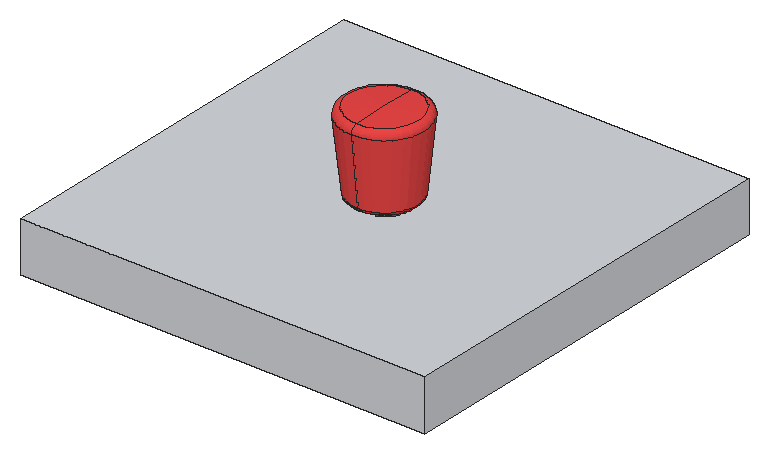
Revit family "Modullaro ML 09", category Meble, Revit 2018
Family settings
  Obiekt nadrzędny = Powierzchnia
  Numer OmniClass = 23.40.10.11.14
  Tytuł OmniClass = Exterior Seating
  Tnij formami wycięć po wczytaniu = Nie
  Współdzielony = Nie
  Punkt obliczania pomieszczeń = Nie
Parameters (values of type "Modullaro ML 09")
  Wysokość = 500 mm  # constant formula
  Waga (szacunkowo) = 7.00 kg  # constant formula
  URL = "http://astrini-design.pl/"
  Temepratura użytkowania = "-40°C do 80°C, ( -40°F do 176°F )"  # constant formula
  Szerokość = 491 mm  # constant formula
  Producent = "Astrini Design"  # constant formula
  Obraz typu = ML-9.jpg
  Model = "Modullaro ML 09"  # constant formula
  Materiał - informacja = "Szeroki wybór kolorów wg palety RAL. Istnieje również możliwość specjalnego wykonania kolorystycznego na indywidualne zapytanie klienta."
  Materiał [instance] = ASTRINI DESIGN_Laminat PWS
  Komentarze do typu = "Ławka"  # constant formula
  IfcExportAs = "IfcFurnishingElement"  # constant formula
  Długość = 491 mm  # constant formula
  Default Elevation = 1219.2 mm
Reference planes
  plane 1 "Środek (Przód/Tył)": y = 0
  plane 2: z = 0
  plane 3 "Środek (Lewa/Prawa)": x = 0
  plane 4: y = 500
  plane 5: y = -500
Forms (mm)
  Extrusion 1, solid
    sketch origin (0, 0, 0) x (1, 0, 0) y (0, 1, 0)
      loop
        line (-1219.2, 1219.2) -> (-1219.2, -1219.2) -> (1219.2, -1219.2) -> (1219.2, 1219.2) -> (-1219.2, 1219.2)
    from 0 to -304.8
  Extrusion 2, void
    sketch origin (-3.622, -241.774, 0) x (1, 0, 0) y (0, 1, 0)
      loop
        arc (13.78, 399.104) -> (20.419, 412.961) -> (33.992, 420.164) r 24.57
        line (33.992, 420.164) -> (13.696, 533.359) -> (-109.297, 511.307) -> (-88.993, 398.066)
        arc (-88.993, 398.066) -> (-73.056, 396.596) -> (-61.405, 385.623) r 24.571
        arc (-61.405, 385.623) -> (-18.875, 364.822) -> (13.78, 399.104) r 40.055
      loop
        arc (67.511, 97.964) -> (24.571, 117.905) -> (-7.388, 82.973) r 40.055
        arc (-7.388, 82.973) -> (-14.211, 68.496) -> (-28.502, 61.292) r 24.571
        line (-28.502, 61.292) -> (-5.924, -51.517) -> (116.601, -26.995) -> (94.032, 85.769)
        arc (94.032, 85.769) -> (78.764, 87.501) -> (67.511, 97.964) r 24.57
    from -30 to 24.5
  Revolve 3, solid, material "ASTRINI DESIGN_Laminat PWS" <- "Materiał", detail levels fine
    sketch origin (0, -241.774, 0) x (0, 1, 0) y (0, 0, 1)
      loop
        arc (450.99, 494.87) -> (346.435, 499.946) -> (241.774, 501.846) r 3448.304
        line (241.774, 501.846) -> (241.774, 0) -> (408.058, 0)
        arc (408.058, 0) -> (411.331, 1.203) -> (412.922, 4.306) r 4.792
        line (412.922, 4.306) -> (412.922, 20.186)
        arc (412.922, 20.186) -> (414.359, 23.655) -> (417.828, 25.092) r 4.906
        line (417.828, 25.092) -> (433.459, 25.092)
        arc (433.459, 25.092) -> (440.164, 27.662) -> (443.436, 34.054) r 10.035
        line (443.436, 34.054) -> (488.229, 450.519)
        arc (488.229, 450.519) -> (479.07, 480.638) -> (450.99, 494.87) r 40.113
      axis (241.774, 0) -> (241.774, 501.846)
    angle from 0 to 360
  Revolve 4, solid, material "ASTRINI DESIGN_Laminat PWS" <- "Materiał", detail levels medium
    sketch origin (0, -241.774, 0) x (0, 1, 0) y (0, 0, 1)
      loop
        arc (450.99, 494.87) -> (346.435, 499.946) -> (241.774, 501.846) r 3448.304
        line (241.774, 501.846) -> (241.774, 0) -> (439.773, 0) -> (488.229, 450.519)
        arc (488.229, 450.519) -> (479.07, 480.638) -> (450.99, 494.87) r 40.113
      axis (241.774, 0) -> (241.774, 501.846)
    angle from 0 to 360
  Revolve 5, solid, material "ASTRINI DESIGN_Laminat PWS" <- "Materiał", detail levels coarse
    sketch origin (0, -241.774, 0) x (0, 1, 0) y (0, 0, 1)
      loop
        line (488.229, 0) -> (488.229, 501.846) -> (241.774, 501.846) -> (241.774, 0) -> (488.229, 0)
      axis (241.774, 0) -> (241.774, 501.846)
    angle from 0 to 360
Cuts and joins
  Extrusion 2 cuts Revolve 3
Lines and regions (mm)
  symbolic lines, style "Furniture"
    curve 1: arc (0, 246.455, 0) -> (246.455, 0, 0) -> (0, -246.455, 0) r 246.455
    curve 2: arc (0, 246.455, 0) -> (-246.455, 0, 0) -> (0, -246.455, 0) r 246.455
Dimensions and locks
  aligned and locked: plane 2 to Extrusion 1
  aligned and locked: level to Extrusion 1
